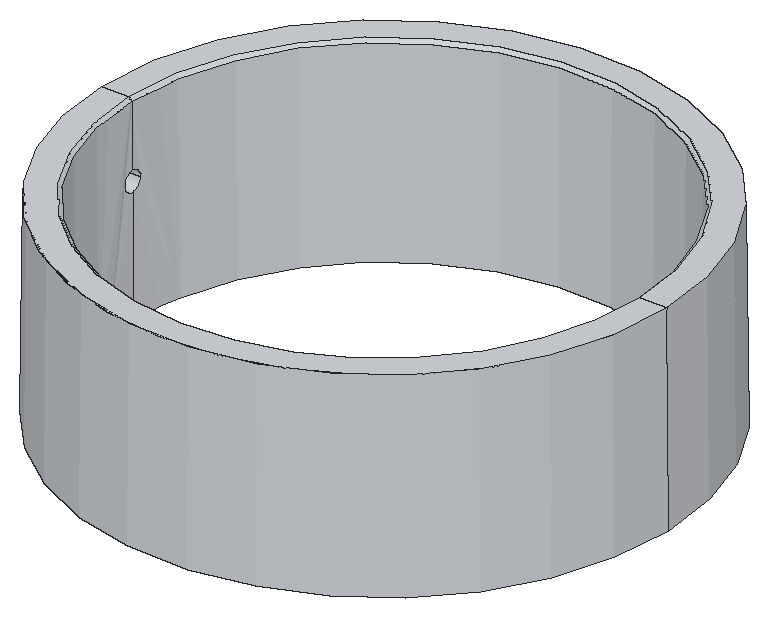
Revit family "Кольцо 1500х590 без замка КС 15.6", category Обобщенные модели, Revit 2023
Family settings
  Может служить основой для арматурных стержней = Нет
  Размер круглого соединителя = Использовать диаметр
  Тип детали = Нормальный
  На основе рабочей плоскости = Нет
  Всегда вертикально = Да
  При загрузке вырезать с полостями = Нет
  Сохранять ориентацию аннотаций = Нет
  Общий = Нет
  Точка принадлежности помещению = Нет
Parameters (values of type "Кольцо 1500х590 без замка КС 15.6")
  фаска = 10 mm
  толщ_на_h2_расч = (t1 - t2) / 2 * (h1 + h2) / ADSK_Размер_Высота + 10 mm  # 15.72 mm
  толщ_на_h1_расч = (t1 - t2) / 2 * h1 / ADSK_Размер_Высота + 10 mm  # 13.136 mm
  сужение_низ = 5 mm
  вырез2 = no
  вырез1 = yes
  Отметка по умолчанию = 0 mm
  t2 = 90 mm
  t1 = 100 mm
  h2 = 305 mm
  h1 = 370 mm
  ADSK_Размер_Диаметр = 1500 mm
  ADSK_Размер_Высота = 590 mm
  ADSK_Масса = 704
Reference planes
  plane 1 "По центру (Вперед/Назад)": y = 0
  plane 2: z = 0
  plane 3 "По центру (Влево/Вправо)": x = 0
  plane 4: x = 750
  plane 5: x = -750
  plane 6: y = 750
  plane 7: y = -750
  plane 8: z = 590
  plane 9: x = -845
  plane 10: x = 845
  plane 11: y = 845
  plane 12: y = -845
  plane 13: y = 840
  plane 14: y = -840
  plane 15: x = -840
  plane 16: x = 840
  plane 17: z = 370
  plane 18: z = 675
  plane 19: y = 745
  plane 20: y = -745
  plane 21: x = -745
  plane 22: x = 745
  plane 23: x = -829.28
  plane 24: x = -831.864
  plane 25: x = 829.28
  plane 26: x = 831.864
  plane 27: x = -760
  plane 28: z = 580
Forms (mm)
  Extrusion 1, void, detail levels medium+fine
    sketch origin (0, 0, 0) x (0, -1, 0) y (0, 0, 1)
      loop
        circle (0, 370) r 30
    from -831.864 to 831.864
  Revolve 2, solid
    sketch origin (0, 0, 0) x (1, 0, 0) y (0, 0, 1)
      loop
        line (-845, 0) -> (-745, 0) -> (-750, 580) -> (-760, 590) -> (-840, 590) -> (-845, 0)
      axis (0, 590) -> (0, 0)
    angle from 0 to 360
Cuts and joins
  Extrusion 1 cuts Revolve 2
Dimensions and locks
  equal spacing: plane 5, plane 3 "По центру (Влево/Вправо)", plane 4
  equal spacing: plane 7, plane 1 "По центру (Вперед/Назад)", plane 6
  "ADSK_Размер_Диаметр": plane 5 to plane 4
  "ADSK_Размер_Диаметр": plane 7 to plane 6
  "t1": plane 9 to plane 21
  "t1": plane 22 to plane 10
  "t2": plane 6 to plane 13
  "t2": plane 14 to plane 7
  "t2": plane 15 to plane 5
  "t2": plane 4 to plane 16
  "h1": plane 17 to level
  "h2": plane 18 to plane 17
  "ADSK_Размер_Высота": plane 8 to level
  "сужение_низ": plane 5 to plane 21
  "сужение_низ": plane 22 to plane 4
  "сужение_низ": plane 19 to plane 6
  "сужение_низ": plane 7 to plane 20
  "t1": plane 12 to plane 20
  "t1": plane 19 to plane 11
  "толщ_на_h2_расч": plane 23 to plane 9
  "толщ_на_h1_расч": plane 24 to plane 9
  "толщ_на_h2_расч": plane 10 to plane 25
  "толщ_на_h1_расч": plane 10 to plane 26
  "фаска": plane 8 to plane 28
  "фаска": plane 5 to plane 27
  aligned and locked: level to plane 2
  aligned and locked: Extrusion 1 to plane 24
  aligned and locked: plane 26 to Extrusion 1
Automatic sketch dimensions
  Extrusion 1 sketch curve to plane 1 "По центру (Вперед/Назад)" = 0 mm
  Extrusion 1 sketch curve to plane 17 = 0 mm
  Revolve 2 sketch curve to level = 0 mm
  Revolve 2 sketch curve to plane 9 = 0 mm
  Revolve 2 sketch curve to plane 8 = 0 mm
  Revolve 2 sketch curve to plane 15 = 0 mm
  Revolve 2 sketch curve to plane 27 = 0 mm
  Revolve 2 sketch curve to plane 5 = 0 mm
  Revolve 2 sketch curve to plane 21 = 0 mm
  Revolve 2 sketch curve to plane 28 = 0 mm
  radius of Extrusion 1 sketch curve = 30 mm
